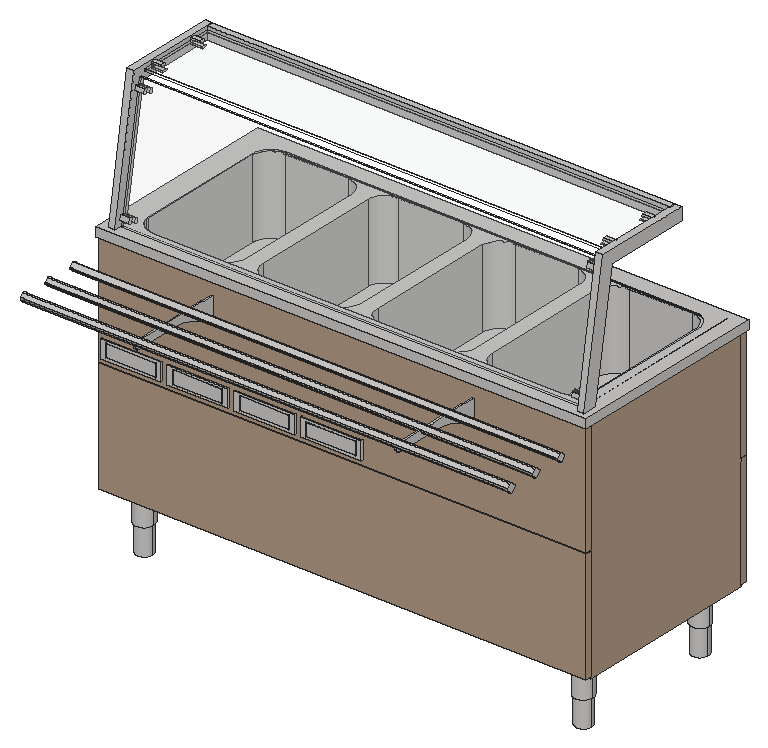
Revit family "QF_ELECTROLUXPROFESSIONAL_322080_F02H4AF01W", category Specialty Equipment, Revit 2018 (continued)
Definition of nested family "Bain Marie Four well 1500"
  Cuts and joins
    Extrusion 2 cuts Extrusion 1
  Dimensions and locks
    plane 6 "LEFT" to plane 5 "RIGHT" = 1500 mm
    plane 3 "BACK" to plane 1 "Centro (Fronte/Retro)" to plane 4 "FRONT" = 305 mm, 315 mm
    plane 3 "BACK" to plane 4 "FRONT" = 620 mm
    equal spacing: plane 6 "LEFT", plane 7, plane 5 "RIGHT"
    locked: plane 8 "TOP" to plane 2 at 900
    plane 11 to plane 5 "RIGHT" = 45 mm
    plane 3 "BACK" to plane 9 = 27 mm
    plane 10 to plane 4 "FRONT" = 37 mm
    plane 3 "BACK" to plane 13 = 55 mm
    plane 14 to plane 4 "FRONT" = 55 mm
    plane 6 "LEFT" to plane 15 = 70 mm  (x2)
    plane 16 to plane 5 "RIGHT" = 72 mm
    locked: plane 8 "TOP" to plane 17 at 2
    plane 8 "TOP" to plane 18 = 244 mm
    locked: plane 19 to plane 18 at 3
    plane 11 to plane 12 = 1410 mm
    plane 6 "LEFT" to plane 12 = 45 mm
    plane 12 to plane 11 = 1410 mm
    plane 9 to plane 10 = 556 mm
    "Controller 1Z": plane 26 to plane 2
    "Controller 2Z": plane 27 to level
    "Controller 3Z": plane 28 to level
    "Controller 4Z": plane 29 to level
    "Scatola connessioni Z": plane 30 to plane 2
    cut or joined group of Extrusion 1, Extrusion 2 to cut or joined group of Extrusion 1, Extrusion 2 = 46 mm  (x3)
    "Scatola connessioni X": plane 6 "LEFT" to plane 31
    "Scatola Connessioni Y": plane 3 "BACK" to plane 32
    "Controller 1X": plane 6 "LEFT" to plane 33
    "Controller 1Y": plane 3 "BACK" to plane 34
    "Controller 2Y": plane 3 "BACK" to plane 36
    "Controller 2X": plane 6 "LEFT" to plane 35
    "Controller 3Y": plane 3 "BACK" to plane 38
    "Controller 3X": plane 6 "LEFT" to plane 37
    "Controller 4Y": plane 3 "BACK" to plane 40
    "Controller 4X": plane 6 "LEFT" to plane 39
    plane 15 to plane 20 = 305 mm
    cut or joined group of Extrusion 1, Extrusion 2 to cut or joined group of Extrusion 1, Extrusion 2 = 510 mm
    plane 10 to plane 9 = 556 mm
    aligned and locked: level to plane 2
    aligned and locked: Extrusion 1 sketch curve to plane 9
    aligned and locked: plane 11 to Extrusion 1 sketch curve
    aligned and locked: Extrusion 1 sketch curve to plane 10
    aligned and locked: Extrusion 1 sketch curve to plane 12
    aligned and locked: Extrusion 1 to plane 18
    aligned and locked: Extrusion 2 to plane 19
    aligned and locked: Extrusion 2 sketch curve to plane 20
  Automatic sketch dimensions
    Extrusion 2 sketch curve to plane 16 = 0 mm
    plane 14 to Extrusion 2 sketch curve = 0 mm
    plane 13 to Extrusion 2 sketch curve = 0 mm
    Extrusion 2 sketch curve to plane 21 = 0 mm
    Extrusion 2 sketch curve to plane 25 = 0 mm
    Extrusion 2 sketch curve to plane 14 = 0 mm  (x3)
    Extrusion 2 sketch curve to plane 13 = 0 mm  (x3)
    Extrusion 2 sketch curve to plane 24 = 0 mm
    Extrusion 2 sketch curve to plane 23 = 0 mm
    Extrusion 2 sketch curve to plane 22 = 0 mm
    Extrusion 2 sketch curve to plane 16 = 56 mm
    plane 41 "1" to Extrusion 2 sketch curve = 2 mm  (x3)
    plane 21 to Extrusion 2 sketch curve = 56 mm
    plane 31 to Extrusion 2 sketch curve = 21 mm  (x2)
    Extrusion 2 sketch curve to Extrusion 2 sketch curve = 56 mm
    Extrusion 2 sketch curve to plane 37 = 30 mm  (x2)
    Extrusion 2 sketch curve to plane 35 = 23 mm
    Extrusion 2 sketch curve to plane 35 = 28 mm
    plane 33 to Extrusion 2 sketch curve = 19 mm  (x2)
    plane 15 to Extrusion 2 sketch curve = 56 mm
    plane 14 to Extrusion 2 sketch curve = 56 mm
    Extrusion 2 sketch curve to plane 15 = 0 mm
Definition of nested family "Controller_compact"
  Parameters
    Default Elevation = 1219.2 mm
  Reference planes
    plane 1 "Center (Front/Back)": y = 0
    plane 2: z = 0
    plane 3 "Center (Left/Right)": x = 0
    plane 4: x = -76
    plane 5: x = 76
    plane 6: y = -21
    plane 7: y = 21
    plane 8: x = -92.25
    plane 9: x = 92.25
    plane 10: y = -27.2
    plane 11: y = 27.2
  Forms (mm)
    Extrusion 1, solid
      sketch origin (0, 0, 0) x (1, 0, 0) y (0, 1, 0)
        loop
          line (-1219.2, 1219.2) -> (-1219.2, -1219.2) -> (1219.2, -1219.2) -> (1219.2, 1219.2) -> (-1219.2, 1219.2)
      from 0 to -304.8
    Extrusion 2, solid
      sketch origin (0, 0, 0) x (1, 0, 0) y (0, 1, 0)
        loop
          line (-76, 21) -> (-76, -21) -> (76, -21) -> (76, 21) -> (-76, 21)
      from 0 to 5
    Extrusion 3, solid
      sketch origin (0, 0, 0) x (1, 0, 0) y (0, 1, 0)
        loop
          line (-92.25, 27.2) -> (-92.25, -27.2) -> (92.25, -27.2) -> (92.25, 27.2) -> (-92.25, 27.2)
        loop
          line (-76, 21) -> (-76, -21) -> (76, -21) -> (76, 21) -> (-76, 21)
      from 0 to 5
  Lines and regions (mm)
    Split face 1
      outline origin (-14, 0, 5) x (1, 0, 0) y (0, 1, 0)
        loop
          line (-36, 10) -> (-36, -10) -> (-16, -10) -> (-16, 10) -> (-36, 10)
    Split face 2
      outline origin (26, 0, 5) x (1, 0, 0) y (0, 1, 0)
        loop
          line (-36, 10) -> (-36, -10) -> (-16, -10) -> (-16, 10) -> (-36, 10)
    Split face 3
      outline origin (98.5, 0, 5) x (1, 0, 0) y (0, 1, 0)
        loop
          line (-68.5, 10) -> (-68.5, -10) -> (-48.5, -10) -> (-48.5, 10) -> (-68.5, 10)
  Dimensions and locks
    equal spacing: plane 4, plane 3 "Center (Left/Right)", plane 5
    equal spacing: plane 7, plane 1 "Center (Front/Back)", plane 6
    plane 7 to plane 6 = 42 mm
    plane 4 to plane 5 = 152 mm
    equal spacing: plane 8, plane 3 "Center (Left/Right)", plane 9
    plane 8 to plane 9 = 184.5 mm
    equal spacing: plane 11, plane 1 "Center (Front/Back)", plane 10
    plane 11 to plane 10 = 54.4 mm
    aligned and locked: plane 2 to Extrusion 1
    aligned and locked: level to Extrusion 1
    aligned and locked: Extrusion 2 sketch curve to plane 7
    aligned and locked: plane 4 to Extrusion 2 sketch curve
    aligned and locked: plane 6 to Extrusion 2 sketch curve
    aligned and locked: Extrusion 2 sketch curve to plane 5
    aligned and locked: Extrusion 3 sketch curve to plane 11
    aligned and locked: plane 8 to Extrusion 3 sketch curve
    aligned and locked: plane 10 to Extrusion 3 sketch curve
    aligned and locked: Extrusion 3 sketch curve to plane 9
    aligned and locked: Extrusion 3 sketch curve to Extrusion 2  (x4)
    aligned and locked: Extrusion 3 to Extrusion 2
  Automatic sketch dimensions
    Extrusion 1 sketch curve to Extrusion 1 sketch curve = 2438.4 mm  (x2)
    Split face 1 sketch curve to Extrusion 2 = 11 mm  (x2)
    Split face 1 sketch curve to Extrusion 2 = 26 mm
    Split face 1 sketch curve to Split face 1 sketch curve = 20 mm
    Split face 2 sketch curve to Extrusion 2 = 11 mm  (x2)
    Split face 2 sketch curve to Extrusion 2 = 66 mm
    Split face 2 sketch curve to Split face 2 sketch curve = 20 mm
    Split face 3 sketch curve to Extrusion 2 = 11 mm  (x2)
    Split face 3 sketch curve to Extrusion 2 = 46 mm
    Split face 3 sketch curve to Split face 3 sketch curve = 20 mm
Definition of nested family "Sun"
  Reference planes
    plane 1 "Center (Front/Back)": y = 0
    plane 2: z = 0
    plane 3 "Center (Left/Right)": x = 0
  Lines and regions (mm)
    detail lines, in view "Ref. Level"
      curve 1: circle (0, 0, 0) r 35 normal (0, 0, 1)
      curve 2: line (-18, 31.177, 0) -> (-30, 51.962, 0)
      curve 3: line (0, 36, 0) -> (0, 60, 0)
      curve 4: line (18, 31.177, 0) -> (30, 51.962, 0)
      curve 5: line (31.177, 18, 0) -> (51.962, 30, 0)
      curve 6: line (36, 0, 0) -> (60, 0, 0)
      curve 7: line (31.177, -18, 0) -> (51.962, -30, 0)
      curve 8: line (18, -31.177, 0) -> (30, -51.962, 0)
      curve 9: line (0, -36, 0) -> (0, -60, 0)
      curve 10: line (-18, -31.177, 0) -> (-30, -51.962, 0)
      curve 11: line (-31.177, -18, 0) -> (-51.962, -30, 0)
      curve 12: line (-36, 0, 0) -> (-60, 0, 0)
      curve 13: line (-31.177, 18, 0) -> (-51.962, 30, 0)
Types (2, lengths in mm): name | URL | Manufacturer | Phase | Model | Description
  (no name) | 0 | 0 | 0 | 0 | 0
  Standard | "http://professional.electrolux.com" | "Electrolux Professional" | 3 | "F02H4AF01W" | "BAIN-MARIE, WATER, FOUR WELLS, 4GN H=900MM OVERSHELF W/LED LIGHTS"
